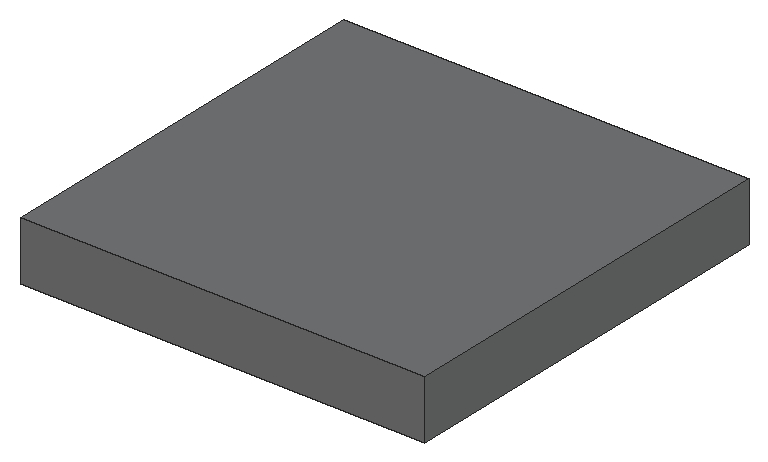
Revit family "Gira_029427", category Electrical Fixtures, host Face, Revit 2017
Family settings
  Host = Face
  Maintain Annotation Orientation = No
  Round Connector Dimension = Use Diameter
  Part Type = Normal
  Cut with Voids When Loaded = No
  Shared = No
  Room Calculation Point = No
Parameters (values of type "Rocker 2-g arrow sym. System 55 p.white m")
  With exchangeable lens/symbol = "No"
  URL = "http://katalog.gira.de/en/datenblatt.html?artikelnr=029427"
  Suitable for touch sensor connector for bus system = "No"
  Scannable symbol / barrier free = "No"
  Name = "Rocker 2-g arrow sym. System 55 p.white m"
  Monitoring window/light outlet = "No"
  Model = "Two-part rocker"
  Manufacturer URL = "https://www.gira.de/"
  Manufacturer = "Gira"
  Keynote = ""
  HeinzeBIM = "https://bimportal.heinze.de/bim/rocker-2-g-arrow-sym-system-55-p-white-m/3096e77406ddc1c0cb12debb6dbec8106ffade15"
  HAN = "029427"
  GTIN = "4010337294276"
  Description = "Rock.2g arrow sym. Sys55 PWm,Rocker, 2-gang with arrow symbol,,pure white matt,"
  Default Elevation = 1219.2 mm
  Data sheet (1) = "https://katalog.gira.de/en/download.html?artikelnr=029427"
  Category = "Control element/cover plate for domestic switching devices"
  BIM (1) = "https://media.stage.bim.site/public/gira/36a6b08/Sys55_Abdeckung_Schalten und Tasten.rfa?public/gira/36a6b08/Sys55_Abdeckung_Schalten und Tasten.rfa"
  Available = "No"
  Anthrazit [instance] = Anthrazit
Reference planes
  plane 1 "Center (Front/Back)": y = 0
  plane 2: z = 0
  plane 3 "Center (Left/Right)": x = 0
Forms (mm)
  Extrusion 1, solid, material "Anthrazit" <- "Anthrazit", detail levels fine
    sketch origin (0, 0, 0) x (1, 0, 0) y (0, 1, 0)
      loop
        line (-27.5, 27.5) -> (-27.5, -27.5) -> (27.5, -27.5) -> (27.5, 27.5) -> (-27.5, 27.5)
    from 0 to 8
  Extrusion 2, void
    sketch origin (0, 0, 0) x (1, 0, 0) y (0, 1, 0)
      loop
        line (26, 26) -> (-26, 26) -> (-26, -26) -> (26, -26) -> (26, 26)
    from 0 to 6
  Extrusion 3, solid, material "Anthrazit" <- "Anthrazit", detail levels medium
    sketch origin (0, 0, 0) x (1, 0, 0) y (0, 1, 0)
      loop
        line (-27.5, 27.5) -> (-27.5, -27.5) -> (27.5, -27.5) -> (27.5, 27.5) -> (-27.5, 27.5)
    from 0 to 8
  Extrusion 4, solid, material "Anthrazit" <- "Anthrazit", detail levels medium
    sketch origin (0, 0, 0) x (1, 0, 0) y (0, 1, 0)
      loop
        line (11, -17.5) -> (11, 17.5) -> (-11, 17.5) -> (-11, -17.5) -> (11, -17.5)
    from -6 to 6
  Extrusion 5, solid, material "Anthrazit" <- "Anthrazit", detail levels fine
    sketch origin (0, 0, 0) x (1, 0, 0) y (0, 1, 0)
      loop
        line (11, 17.5) -> (-11, 17.5) -> (-11, 16.5) -> (11, 16.5) -> (11, 17.5)
      loop
        line (-11, -16.5) -> (-11, -17.5) -> (11, -17.5) -> (11, -16.5) -> (-11, -16.5)
    from -4 to 6
  Extrusion 6, solid, material "Anthrazit" <- "Anthrazit", detail levels fine
    sketch origin (0, 0, 0) x (1, 0, 0) y (0, 1, 0)
      loop
        arc (5, 9.347) -> (0, 10.6) -> (-5, 9.347) r 10.6
        line (-5, 9.347) -> (-5, -9.347)
        arc (-5, -9.347) -> (0, -10.6) -> (5, -9.347) r 10.6
        line (5, -9.347) -> (5, 9.347)
    from -6 to 6
  Extrusion 7, solid, material "Anthrazit" <- "Anthrazit", detail levels coarse
    sketch origin (0, 0, 0) x (1, 0, 0) y (0, 1, 0)
      loop
        line (-27.5, 27.5) -> (-27.5, -27.5) -> (27.5, -27.5) -> (27.5, 27.5) -> (-27.5, 27.5)
    from -6 to 8
Cuts and joins
  Extrusion 2 cuts Extrusion 1
Dimensions and locks
  aligned and locked: plane 2 to host face
  aligned and locked: level to host face
